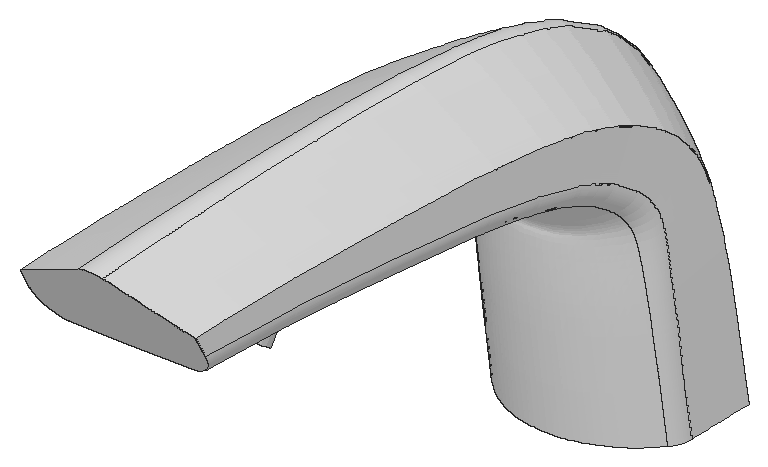
Revit family "Plumbing-Faucet-Sloan-Valve-ETF-410_", category Plumbing Fixtures, host Face, Revit 2022
Family settings
  Host = Face
  Round Connector Dimension = Use Diameter
  Part Type = Normal
  OmniClass Number = 23.45.55.14
  OmniClass Title = Single Faucets
  Cut with Voids When Loaded = No
  Maintain Annotation Orientation = No
  Shared = No
  Room Calculation Point = No
Parameters (values of type "Not a Type - Load Type Catalog!")
  z_Trim Plate Length = if(z_Trim Plate 8, 10.25", if(z_Trim Plate 4, 6.18", 5.00"))  # 5.00"
  z_Trim Plate 8 = no
  z_Trim Plate 4 = no
  z_Hardwired No [instance] = 3
  Water Inlet Connection Diameter = 3/8"
  Water Inlet Connection Description [instance] = "Pretempered Water Supply Connection"  # constant formula
  Water Flow = 0.5 GPM
  z_No Trim Plate = and(not(z_Trim Plate 4), not(z_Trim Plate 8))  # yes
  Width = if(z_No Trim Plate, 2.00", z_Trim Plate Length)  # 2.00"
  Waste Connection = no
  WFU = 0
  Voltage = 24 V
  Version = 2
  Vent Connection = no
  Valve Pressure Drop = 0.00 psi
  URL = "www.sloanvalve.com"
  Product data url = "https://bimobject.com/sloan_valve/product/faucets_optima_ETF-410"
  Product Material = Sloan Valve - Finish - Polished Chrome
  Power Factor = 1
  Part Number = "3365794BT"
  Number of Poles = 1
  Model = "Model not specified - Load type catalog!"
  Manufacturer = "Sloan Valve"  # constant formula
  Keynote = "15410"
  Height = 4.50"  # constant formula
  HWFU = 1.5
  HW Connection = yes
  Edition number = 1
  Description = "Box Transformer Power Supply, Below Deck Manual Mixing Valve,\r\nPolished Chrome Finish, 0.5 gpm, Multi-Laminar Spray, Infrared\r\nSensor, Optima® Hardwired-Powered Deck-Mounted Low Body."
  Depth = 6.50"  # constant formula
  Default Elevation = 0.00"
  Date Updated = "09.12.2024"  # constant formula
  Date Created = ""
  Current = 0 A
  Connector Description = "Electrical Connection"  # constant formula
  CWFU = 1.5
  CW Connection = yes
  Assembly Code = "D2010"
  Apparent Load = (Voltage * Current) / (Power Factor * Number of Poles)  # 0 VA
Reference planes (in)
  plane 1 "Center (Front/Back)": y = 0
  plane 2: z = 0
  plane 3 "Center (Left/Right)": x = 0
Forms (in)
  Extrusion 1, solid, not visible
    sketch origin (0, 0, 0) x (1, 0, 0) y (0, 1, 0)
      loop
        circle (0, 0) r 0.1875
    from 0 to -0.05799
  Extrusion 2, solid, not visible
    sketch origin (0, 0, 0) x (1, 0, 0) y (0, 1, 0)
      loop
        circle (0, 0.35028) r 0.10318
    from 0 to -0.05799
  Extrusion 3, solid, not visible
    sketch origin (0, 0, 0) x (1, 0, 0) y (0, 1, 0)
      loop
        circle (0, 0.35028) r 0.10318
    from 0 to -0.05799
  Extrusion 4, solid, not visible
    sketch origin (0, 0, 0) x (1, 0, 0) y (0, 1, 0)
      loop
        circle (0, 0.35028) r 0.10318
    from 0 to -0.05799
Dimensions and locks (in)
  equal spacing: group 3, group 2, group 1
  equal spacing: group 1, group 2, group 3  (x2)
  equal spacing: group 4, group 5, group 6  (x3)
  aligned and locked: plane 2 to host face
  aligned and locked: level to host face
  aligned and locked: plane 1 "Center (Front/Back)" to nested 1
  aligned and locked: plane 1 "Center (Front/Back)" to nested 3
  aligned and locked: plane 1 "Center (Front/Back)" to nested 4
Automatic sketch dimensions
  host sketch curve to host sketch curve = 96.00"  (x2)
  plane 1 "Center (Front/Back)" to Extrusion 1 sketch curve = 0.00"
  Extrusion 1 sketch curve to plane 3 "Center (Left/Right)" = 0.00"
  radius of Extrusion 1 sketch curve = 0.1875"
  radius of Extrusion 2 sketch curve = 0.10318"
  radius of Extrusion 3 sketch curve = 0.10318"
  radius of Extrusion 4 sketch curve = 0.10318"
Nested families (in)
  nested 1: "Connection" at (0.75, 0, 0), type "Connection"
  nested 2: "Connection" at (0.25, 0, 0), type "Connection"
  nested 3: "Connection" at (-0.25, 0, 0), type "Connection"
  nested 4: "Geometry_" at (-1, 0, 0), type "Geometry_"
Connectors (in)
  piping at (0, 0, 0), diameter 0.375, driven by "Water Inlet Connection Description", driven by "Water Inlet Connection Diameter", driven by "Water Flow", driven by "Valve Pressure Drop"
    settings: on Extrusion 1, index 4, connector inside diameter 24", connector length 0.00", flow factor 0, pipe flow 0.5 GPM, pressure drop 0.00 psi, fitting loss kfactor 0, connector angle 0.00°, fixture units 0, engagement length 0.00", angle of deflection 0.00°, flow configuration 1, flow direction 1, fitting loss method 4, system type 22, joint type 0, gender type 0, connector reference index -1, connector utility 0, adjustable connector no, is connector primary yes, connector description "Pretempered Water Supply Connection"
  electrical at (0, 0.35028, 0), driven by "Number of Poles", driven by "Voltage", driven by "Apparent Load", driven by "Power Factor", driven by "Connector Description"
    settings: on Extrusion 4, index 5, voltage 24 V, apparent load 0 VA, apparent load phase1 0 VA, apparent load phase2 0 VA, apparent load phase3 0 VA, power factor 1, load classification "Other", number of poles 1, system type 31, power factor state 1, is connector primary yes, connector utility no, sub classification motor no, connector description "Electrical Connection"
Definition of nested family "Geometry_"
  Parameters (values of type "Geometry_")
    z_8 Trim Plate = no
    z_4 Trim Plate = no
    URL = ""
    Thermoplastic Material = none
    Product Material = none
    Model = ""
    Manufacturer = ""
    Description = ""
    Default Elevation = 48.00"
    Assembly Code = ""
  Reference planes (in)
    plane 1 "Center (Front/Back)": y = 0
    plane 2: z = 0
    plane 3 "Center (Left/Right)": x = 0
    plane 4: z = 1.22047
    plane 5: x = 1
  Forms (in)
    SweptBlend 1, solid, material <- "Product Material"
      path origin (1, 0.1674, -0.0027) x (0, 1, 0) y (0, 0, 1)
        loop
          spline (-0.11032, -0.33112) -> (-0.42012, 1.5816) -> (-0.51756, 2.12474) -> (-0.62691, 2.52856) -> (-0.86765, 2.90021) -> (-1.30595, 3.23889) -> (-1.95849, 3.50963) -> (-2.81534, 3.68957) -> (-3.77791, 3.80093) -> (-4.7283, 3.87576) -> (-5.60888, 3.93784) -> (-6.56682, 3.98272) -> (-7.79276, 4)
      profile origin (1, 0.05708, -0.33382) x (0, -0.987688, -0.156434) y (1, 0, 0)
        loop
          line (-0.43536, -1.09002) -> (0.34769, -1.09002)
          arc (0.34769, -1.09002) -> (0.51221, -1.0569) -> (0.65108, -0.9627) r 0.42513
          arc (0.65108, -0.9627) -> (1.09245, 0.03563) -> (0.60865, 1.0141) r 1.28754
          arc (0.60865, 1.0141) -> (0.50445, 1.08104) -> (0.38283, 1.10447) r 0.32731
          line (0.38283, 1.10447) -> (-0.42182, 1.10447)
          arc (-0.42182, 1.10447) -> (-0.83566, 0.59661) -> (-1.18577, 0.04288) r 5.4663
          arc (-1.18577, 0.04288) -> (-1.19685, 0.00285) -> (-1.1887, -0.03788) r 0.08964
          arc (-1.1887, -0.03788) -> (-0.84328, -0.58632) -> (-0.43536, -1.09002) r 5.4663
      end profile origin (1, -7.62536, 3.9973) x (0, 0, -1) y (1, 0, 0)
        loop
          line (-0.4675, -0.13826) -> (-0.03786, -1) -> (0.19206, -1)
          arc (0.19206, -1) -> (0.40981, -0.90981) -> (0.5, -0.69206) r 0.30794
          line (0.5, -0.69206) -> (0.5, 0.69206)
          arc (0.5, 0.69206) -> (0.40981, 0.90981) -> (0.19206, 1) r 0.30794
          line (0.19206, 1) -> (-0.03786, 1) -> (-0.4675, 0.13826)
          arc (-0.4675, 0.13826) -> (-0.50005, 0) -> (-0.4675, -0.13826) r 0.30988
    Extrusion 2, void
      sketch origin (1, 0.1674, -0.0027) x (0, 1, 0) y (0, 0, 1)
        loop
          line (-1.67616, 0) -> (-1.67616, -0.75) -> (1.35895, -0.75) -> (1.35895, 0) -> (-1.67616, 0)
      from -1.64634 to 1.54497
    Extrusion 3, void
      sketch origin (1, 0.1674, -0.0027) x (0, -1, 0) y (0, 0, 1)
        loop
          line (7.91501, 4.74536) -> (6.97534, 3.13935) -> (7.91501, 3.13935) -> (7.91501, 4.74536)
      from -1.10352 to 1.09856
    Revolve 4, solid, material <- "Product Material"
      sketch origin (1, 0.1674, -0.0027) x (0, 1, 0) y (0, 0, 1)
        loop
          line (-5.93114, 3.11051) -> (-5.61499, 3.57922) -> (-6.02951, 3.85882) -> (-6.34566, 3.3901) -> (-5.93114, 3.11051)
        axis (-5.61499, 3.57922) -> (-5.93114, 3.11051)
      angle from 0 to 360
    Extrusion 5, solid, not visible
      sketch origin (1, 0.1674, -0.0027) x (1, 0, 0) y (0, 1, 0)
        loop
          circle (0, -0.16839) r 0.1875
      from -0.03125 to 0
    Extrusion 6, solid, material <- "Product Material", visible <- "z_4 Trim Plate"
      sketch origin (-21.62131, -3.96048, 0) x (1, 0, 0) y (0, 1, 0)
        loop
          arc (25.59448, 4.67047) -> (25.41299, 4.93476) -> (25.11909, 5.06285) r 0.58203
          arc (25.11909, 5.06285) -> (22.62198, 5.22877) -> (20.12464, 5.06643) r 19.0796
          arc (20.12464, 5.06643) -> (19.83153, 4.93929) -> (19.65004, 4.67633) r 0.58065
          arc (19.65004, 4.67633) -> (19.52804, 3.97861) -> (19.62084, 3.2764) r 2.33504
          arc (19.62084, 3.2764) -> (19.78453, 3.01822) -> (20.06073, 2.88719) r 0.55043
          arc (20.06073, 2.88719) -> (22.62128, 2.67991) -> (25.18182, 2.88719) r 15.91884
          arc (25.18182, 2.88719) -> (25.45802, 3.01822) -> (25.62171, 3.2764) r 0.55043
          arc (25.62171, 3.2764) -> (25.71458, 3.97552) -> (25.59448, 4.67047) r 2.33504
      from 0 to 0.14662
    Extrusion 7, solid, material <- "Product Material", visible <- "z_8 Trim Plate"
      sketch origin (-10.62131, -3.96048, 0) x (1, 0, 0) y (0, 1, 0)
        loop
          arc (7.27839, 5.11223) -> (7.06529, 5.06021) -> (6.88563, 4.93437) r 0.59375
          arc (6.88563, 4.93437) -> (6.49546, 3.96048) -> (6.90871, 2.99615) r 1.36992
          arc (6.90871, 2.99615) -> (7.08139, 2.87881) -> (7.28395, 2.82827) r 0.59568
          arc (7.28395, 2.82827) -> (11.62164, 2.67991) -> (15.95932, 2.82832) r 63.47647
          arc (15.95932, 2.82832) -> (16.16097, 2.87859) -> (16.33295, 2.99527) r 0.59375
          arc (16.33295, 2.99527) -> (16.74709, 3.95985) -> (16.35693, 4.93437) r 1.36992
          arc (16.35693, 4.93437) -> (16.17726, 5.06021) -> (15.96417, 5.11223) r 0.59375
          arc (15.96417, 5.11223) -> (11.62128, 5.22877) -> (7.27839, 5.11223) r 80.97816
      from 0 to 0.14662
  Cuts and joins
    Extrusion 2, Extrusion 3 cuts SweptBlend 1
  Lines and regions (in)
    Masking region 1, visible <- "z_8 Trim Plate"
      outline origin (0, 0, 0) x (1, 0, 0) y (0, 1, 0)
        loop
          line (2.10378, 0.42909) -> (2.08146, -1.27135)
          arc (2.08146, -1.27135) -> (3.7103, -1.22268) -> (5.33802, -1.13216) r 63.47647
          arc (5.33802, -1.13216) -> (5.53967, -1.08189) -> (5.71165, -0.9652) r 0.59375
          arc (5.71165, -0.9652) -> (6.12579, -0.00063) -> (5.73562, 0.97389) r 1.36992
          arc (5.73562, 0.97389) -> (5.55596, 1.09973) -> (5.34287, 1.15175) r 0.59375
          arc (5.34287, 1.15175) -> (0.99997, 1.26829) -> (-3.34292, 1.15175) r 80.97816
          arc (-3.34292, 1.15175) -> (-3.55601, 1.09973) -> (-3.73567, 0.97389) r 0.59375
          arc (-3.73567, 0.97389) -> (-4.12585, 0) -> (-3.7126, -0.96433) r 1.36992
          arc (-3.7126, -0.96433) -> (-3.53992, -1.08166) -> (-3.33735, -1.13221) r 0.59568
          arc (-3.33735, -1.13221) -> (-1.7103, -1.22268) -> (-0.08146, -1.27135) r 63.47647
          line (-0.08146, -1.27135) -> (-0.10379, 0.42942)
          arc (-0.10379, 0.42942) -> (0.42324, 0.86233) -> (0.99984, 1.22663) r 5.49556
          arc (0.99984, 1.22663) -> (1.57661, 0.86219) -> (2.10378, 0.42909) r 5.49554
    Masking region 2
      outline origin (0, 0, 0) x (1, 0, 0) y (0, 1, 0)
        loop
          spline (-0.00182, -7.33715) -> (0.07009, -7.35812) -> (0.14204, -7.37906) -> (0.21403, -7.39996) -> (0.28606, -7.42082) -> (0.35813, -7.44165) -> (0.43024, -7.46245) -> (0.50239, -7.48321) -> (0.57458, -7.50394) -> (0.6468, -7.52463) -> (0.71907, -7.54528) -> (0.79137, -7.5659) -> (0.86371, -7.58649)
          spline (0.86371, -7.58649) -> (0.88487, -7.59192) -> (0.90687, -7.59642) -> (0.92955, -7.59995) -> (0.95275, -7.6025) -> (0.97628, -7.60403) -> (1, -7.60454) -> (1.02371, -7.60403) -> (1.04725, -7.6025) -> (1.07044, -7.59995) -> (1.09312, -7.59642) -> (1.11512, -7.59192) -> (1.13628, -7.58649)
          spline (1.13628, -7.58649) -> (1.20863, -7.5659) -> (1.28094, -7.54528) -> (1.35321, -7.52462) -> (1.42544, -7.50393) -> (1.49762, -7.4832) -> (1.56977, -7.46243) -> (1.64188, -7.44163) -> (1.71395, -7.4208) -> (1.78598, -7.39992) -> (1.85797, -7.37901) -> (1.92991, -7.35807) -> (2.00182, -7.33709)
          line (2.00182, -7.33709) -> (2.10378, 0.42909)
          arc (2.10378, 0.42909) -> (1.57661, 0.86219) -> (0.99984, 1.22663) r 5.49554
          arc (0.99984, 1.22663) -> (0.42324, 0.86233) -> (-0.10379, 0.42942) r 5.49556
          line (-0.10379, 0.42942) -> (-0.00182, -7.33715)
    Masking region 3, visible <- "z_4 Trim Plate"
      outline origin (0, 0, 0) x (1, 0, 0) y (0, 1, 0)
        loop
          line (2.10378, 0.42909) -> (2.08182, -1.24377)
          arc (2.08182, -1.24377) -> (2.82319, -1.17582) -> (3.56052, -1.07328) r 15.91884
          arc (3.56052, -1.07328) -> (3.83672, -0.94226) -> (4.00041, -0.68407) r 0.55043
          arc (4.00041, -0.68407) -> (4.09328, 0.01504) -> (3.97318, 0.71) r 2.33504
          arc (3.97318, 0.71) -> (3.79169, 0.97428) -> (3.49779, 1.10237) r 0.58203
          arc (3.49779, 1.10237) -> (1.00068, 1.26829) -> (-1.49666, 1.10595) r 19.0796
          arc (-1.49666, 1.10595) -> (-1.78978, 0.97881) -> (-1.97126, 0.71586) r 0.58065
          arc (-1.97126, 0.71586) -> (-2.09327, 0.01813) -> (-2.00046, -0.68407) r 2.33504
          arc (-2.00046, -0.68407) -> (-1.83677, -0.94226) -> (-1.56057, -1.07328) r 0.55043
          arc (-1.56057, -1.07328) -> (-0.82319, -1.17582) -> (-0.08182, -1.24377) r 15.91884
          line (-0.08182, -1.24377) -> (-0.10379, 0.42942)
          arc (-0.10379, 0.42942) -> (0.42324, 0.86233) -> (0.99984, 1.22663) r 5.49556
          arc (0.99984, 1.22663) -> (1.57661, 0.86219) -> (2.10378, 0.42909) r 5.49554
    symbolic lines, detail levels medium+fine
      curve 1: line (0.86197, -7.58599, 0) -> (0.96177, 1.20556, 0)
      curve 2: line (1.04321, 1.2026, 0) -> (1.13804, -7.58599, 0)
  Dimensions and locks (in)
    locked: Extrusion 6 sketch curve to Extrusion 6 sketch curve at 0.43989  (x2)
    aligned and locked: Masking region 1 sketch curve to cut or joined group of SweptBlend 1, Extrusion 2, Extrusion 3  (x2)
    aligned and locked: Masking region 1 sketch curve to Extrusion 7  (x8)
    aligned and locked: Masking region 3 sketch curve to Extrusion 6  (x2)
Definition of nested family "Connection"
  Parameters (values of type "Connection")
    Default Elevation = 48.00"
  Reference planes (in)
    plane 1 "Center (Front/Back)": y = 0
    plane 2: z = 0
    plane 3 "Center (Left/Right)": x = 0
  Forms (in)
    Extrusion 1, solid
      sketch origin (0, 0, 0) x (1, 0, 0) y (0, 1, 0)
        loop
          line (-48, 48) -> (-48, -48) -> (48, -48) -> (48, 48) -> (-48, 48)
      from 0 to -12
    Extrusion 2, solid, not visible
      sketch origin (0, 0, 0) x (1, 0, 0) y (0, 1, 0)
        loop
          circle (0, 0) r 0.19685
      from 0 to -0.34945
  Dimensions and locks (in)
    aligned and locked: plane 2 to Extrusion 1
    aligned and locked: level to Extrusion 1
